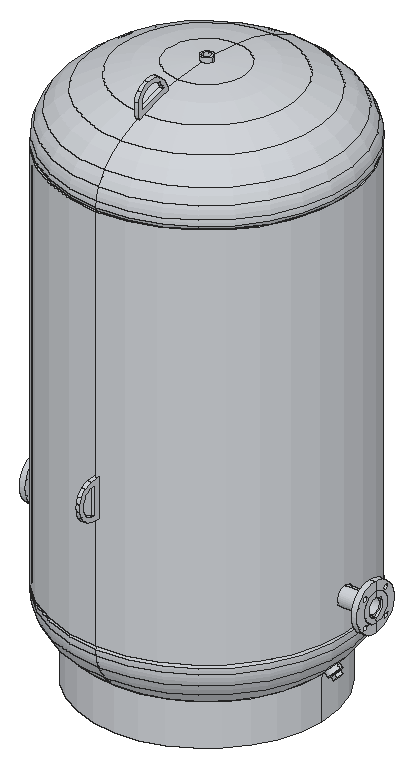
Revit family "CBT-300-2", category Generic Models, Revit 2014
Parameters (values of type "CBT-300-2")
  URL = "http://westank.com/"
  Tank Volume = 300.00 gal
  Part Number = 55360300
  Model = "CBT-300-2"
  Maximum Shipping Weight = 555 lbf
  Flange Connector Diameter = 2"
  Description = "Wessels ASME Chilled Water Buffer Tanks (CBT) are designed for chilled water systems with insufficient water volume capacity in relation to the chiller capacity."
  D = 15 3/4"
  C = 30"
  B = 72"
  A = 36"
Reference planes (in)
  plane 1 "Center (Front/Back)": y = 0
  plane 2: z = 0
  plane 3 "Center (Left/Right)": x = 0
  plane 4: x = -15
  plane 5: x = 15
  plane 6: z = 0
  plane 7: z = 72
  plane 8: z = 15.75
  plane 9: x = -18
  plane 10: x = 18
Forms (in)
  Revolve 1, solid
    sketch origin (0, -0.02461, 0) x (0, 1, 0) y (0, 0, 1)
      loop
        line (-17.97559, 11.40987) -> (-17.77585, 11.40987)
        arc (-17.77585, 11.40987) -> (-17.77901, 11.38745) -> (-17.78675, 11.36617) r 0.10832
        line (-17.78675, 11.36617) -> (-17.97559, 10.97899)
        arc (-17.97559, 10.97899) -> (-17.97692, 10.6034) -> (-17.93634, 10.23002) r 3.36112
        arc (-17.93634, 10.23002) -> (-17.83534, 9.45516) -> (-17.56075, 8.72359) r 3.4127
        arc (-17.56075, 8.72359) -> (-17.14884, 7.91952) -> (-16.63227, 7.17835) r 6.68364
        arc (-16.63227, 7.17835) -> (-15.41449, 5.9118) -> (-13.99078, 4.88214) r 9.83519
        arc (-13.99078, 4.88214) -> (-12.33964, 3.99029) -> (-10.62031, 3.23825) r 22.63963
        arc (-10.62031, 3.23825) -> (-7.74153, 2.33452) -> (-4.76815, 1.82164) r 22.63963
        arc (-4.76815, 1.82164) -> (-2.37465, 1.61295) -> (0.02461, 1.4865) r 70.02787
        line (0.02461, 1.4865) -> (0.02461, 1.65848)
        arc (0.02461, 1.65848) -> (-2.3657, 1.78462) -> (-4.75028, 1.99258) r 69.85599
        arc (-4.75028, 1.99258) -> (-7.70109, 2.50157) -> (-10.55801, 3.39844) r 22.46775
        arc (-10.55801, 3.39844) -> (-12.26429, 4.14477) -> (-13.9029, 5.02985) r 22.46775
        arc (-13.9029, 5.02985) -> (-15.30173, 6.04151) -> (-16.49823, 7.28593) r 9.66331
        arc (-16.49823, 7.28593) -> (-17.00303, 8.01057) -> (-17.40515, 8.79685) r 6.51177
        arc (-17.40515, 8.79685) -> (-17.66943, 9.50016) -> (-17.76465, 10.24543) r 3.24083
        arc (-17.76465, 10.24543) -> (-17.80397, 10.58906) -> (-17.80585, 10.93493) r 3.18924
        line (-17.80585, 10.93493) -> (-17.63227, 11.29083)
        arc (-17.63227, 11.29083) -> (-17.60804, 11.35818) -> (-17.59889, 11.42917) r 0.33041
        line (-17.59889, 11.42917) -> (-17.80365, 11.42917) -> (-17.80365, 62.07314) -> (-17.59889, 62.07314)
        arc (-17.59889, 62.07314) -> (-17.60804, 62.14413) -> (-17.63227, 62.21149) r 0.33041
        line (-17.63227, 62.21149) -> (-17.80585, 62.56739)
        arc (-17.80585, 62.56739) -> (-17.80397, 62.91325) -> (-17.76465, 63.25688) r 3.18924
        arc (-17.76465, 63.25688) -> (-17.66943, 64.00215) -> (-17.40515, 64.70547) r 3.24083
        arc (-17.40515, 64.70547) -> (-17.00303, 65.49175) -> (-16.49823, 66.21639) r 6.51177
        arc (-16.49823, 66.21639) -> (-15.30173, 67.4608) -> (-13.9029, 68.47247) r 9.66331
        arc (-13.9029, 68.47247) -> (-12.26429, 69.35755) -> (-10.55801, 70.10388) r 22.46775
        arc (-10.55801, 70.10388) -> (-7.70109, 71.00074) -> (-4.75028, 71.50973) r 22.46775
        arc (-4.75028, 71.50973) -> (-2.3657, 71.71769) -> (0.02461, 71.84383) r 69.85599
        line (0.02461, 71.84383) -> (0.02461, 72.01582)
        arc (0.02461, 72.01582) -> (-2.37465, 71.88936) -> (-4.76815, 71.68068) r 70.02787
        arc (-4.76815, 71.68068) -> (-7.74153, 71.16779) -> (-10.62031, 70.26407) r 22.63963
        arc (-10.62031, 70.26407) -> (-12.33964, 69.51203) -> (-13.99078, 68.62018) r 22.63963
        arc (-13.99078, 68.62018) -> (-15.41449, 67.59052) -> (-16.63227, 66.32397) r 9.83519
        arc (-16.63227, 66.32397) -> (-17.14884, 65.58279) -> (-17.56075, 64.77872) r 6.68364
        arc (-17.56075, 64.77872) -> (-17.83534, 64.04715) -> (-17.93634, 63.2723) r 3.4127
        arc (-17.93634, 63.2723) -> (-17.97692, 62.89891) -> (-17.97559, 62.52332) r 3.36112
        line (-17.97559, 62.52332) -> (-17.78675, 62.13614)
        arc (-17.78675, 62.13614) -> (-17.77901, 62.11486) -> (-17.77585, 62.09244) r 0.10832
        line (-17.77585, 62.09244) -> (-17.97559, 62.09244) -> (-17.97559, 11.40987)
      axis (0.02461, 1.4865) -> (0.02461, 72.01582)
    angle from 0 to 360
  Revolve 2, solid
    sketch origin (-3.00177, 0, 1.50063) x (-1, 0, 0) y (0, 0, 1)
      loop
        line (17.99931, 13.06186) -> (17.99931, 12.71833) -> (18.24931, 12.71833) -> (18.24931, 11.24971) -> (18.93681, 11.24971) -> (18.93681, 12.43703) -> (18.99931, 12.43703) -> (18.99931, 13.06186) -> (17.99931, 13.06186)
      axis (18.99931, 14.25013) -> (17.99931, 14.25013)
    angle from 0 to 360
  Revolve 3, solid
    sketch origin (1.3301, 0, 3.24654) x (0.990017, 0, -0.140951) y (0.140951, 0, 0.990017)
      loop
        line (14.71753, 6.11956) -> (14.66586, 6.1556) -> (14.25436, 5.56561) -> (14.86992, 5.13627) -> (15.24588, 5.6753) -> (15.19462, 5.71106) -> (15.31904, 5.88945) -> (14.80641, 6.24699) -> (14.71753, 6.11956)
      axis (14.25436, 5.56561) -> (14.86992, 5.13627)
    angle from 0 to 360
  Extrusion 4, solid
    sketch origin (16.3437, -180, 7.27869) x (0.681658, 0, 0.731671) y (0, -1, 0)
      loop
        line (-0.16036, -179.52645) -> (-0.95521, -179.68698) -> (-0.79485, -180.48095) -> (0, -180.32042) -> (-0.16036, -179.52645)
    from 1.02698 to 1.52678
  Extrusion 5, solid
    sketch origin (0, -6.04905, 4.9833) x (0, 1, 0) y (0, 0, 1)
      loop
        line (-11.93439, 21.33067) -> (-11.93439, 26.202)
        arc (-11.93439, 26.202) -> (-12.47846, 26.15164) -> (-13.01533, 26.05008) r 5.77422
        arc (-13.01533, 26.05008) -> (-13.49297, 25.89754) -> (-13.94252, 25.67548) r 3.35288
        arc (-13.94252, 25.67548) -> (-14.34081, 25.36666) -> (-14.64962, 24.96837) r 2.0073
        arc (-14.64962, 24.96837) -> (-14.80343, 24.58932) -> (-14.88788, 24.18906) r 2.30742
        arc (-14.88788, 24.18906) -> (-14.91277, 23.77188) -> (-14.88788, 23.3547) r 3.50846
        arc (-14.88788, 23.3547) -> (-14.79412, 22.92876) -> (-14.61961, 22.52904) r 2.24053
        arc (-14.61961, 22.52904) -> (-14.27401, 22.08806) -> (-13.80999, 21.77406) r 1.8078
        arc (-13.80999, 21.77406) -> (-13.34321, 21.55591) -> (-12.84107, 21.44044) r 2.44481
        arc (-12.84107, 21.44044) -> (-12.39043, 21.36326) -> (-11.93439, 21.33067) r 4.65484
      loop
        arc (-12.44611, 25.63929) -> (-12.67227, 25.60073) -> (-12.89654, 25.55235) r 5.2625
        arc (-12.89654, 25.55235) -> (-13.30128, 25.42308) -> (-13.68221, 25.23491) r 2.84116
        arc (-13.68221, 25.23491) -> (-13.97364, 25.01013) -> (-14.20134, 24.72098) r 1.49558
        arc (-14.20134, 24.72098) -> (-14.3163, 24.43235) -> (-14.37979, 24.12821) r 1.7957
        arc (-14.37979, 24.12821) -> (-14.40106, 23.77188) -> (-14.37979, 23.41555) r 2.99674
        arc (-14.37979, 23.41555) -> (-14.30745, 23.08689) -> (-14.17279, 22.77846) r 1.72881
        arc (-14.17279, 22.77846) -> (-13.91552, 22.45353) -> (-13.56884, 22.22643) r 1.29608
        arc (-13.56884, 22.22643) -> (-13.1779, 22.0402) -> (-12.75531, 21.94566) r 1.9331
        arc (-12.75531, 21.94566) -> (-12.60126, 21.91347) -> (-12.44611, 21.88716) r 4.14312
        line (-12.44611, 21.88716) -> (-12.44611, 25.63929)
    from -0.24366 to 0.25634
  Extrusion 6, solid
    sketch origin (0, -28.53332, 53.09576) x (0, 0.284015, -0.95882) y (0, 0.95882, 0.284015)
      loop
        arc (-11.9298, 25.67102) -> (-12.15596, 25.63246) -> (-12.38023, 25.58408) r 5.2625
        arc (-12.38023, 25.58408) -> (-12.78497, 25.45482) -> (-13.16591, 25.26664) r 2.84116
        arc (-13.16591, 25.26664) -> (-13.45733, 25.04186) -> (-13.68503, 24.75271) r 1.49558
        arc (-13.68503, 24.75271) -> (-13.8, 24.46408) -> (-13.86349, 24.15994) r 1.7957
        arc (-13.86349, 24.15994) -> (-13.88475, 23.80361) -> (-13.86349, 23.44728) r 2.99674
        arc (-13.86349, 23.44728) -> (-13.79114, 23.11862) -> (-13.65649, 22.81019) r 1.72881
        arc (-13.65649, 22.81019) -> (-13.39922, 22.48527) -> (-13.05253, 22.25816) r 1.29608
        arc (-13.05253, 22.25816) -> (-12.66159, 22.07193) -> (-12.239, 21.97739) r 1.9331
        arc (-12.239, 21.97739) -> (-12.08496, 21.94521) -> (-11.9298, 21.91889) r 4.14312
        line (-11.9298, 21.91889) -> (-11.9298, 25.67102)
      loop
        line (-10.93162, 21.34789) -> (-10.93162, 26.14183)
        arc (-10.93162, 26.14183) -> (-11.99798, 26.18454) -> (-13.02719, 25.90227) r 3.48194
        arc (-13.02719, 25.90227) -> (-13.54727, 25.6041) -> (-13.99851, 25.20943) r 3.03185
        arc (-13.99851, 25.20943) -> (-14.28248, 24.55653) -> (-14.39992, 23.8543) r 2.91879
        arc (-14.39992, 23.8543) -> (-14.3348, 23.1787) -> (-14.08611, 22.54717) r 2.44012
        arc (-14.08611, 22.54717) -> (-13.716, 22.08641) -> (-13.21844, 21.76749) r 1.83162
        arc (-13.21844, 21.76749) -> (-12.09889, 21.42765) -> (-10.93162, 21.34789) r 5.1769
    from -0.24366 to 0.25634
  Extrusion 7, solid
    sketch origin (0, 0, 0) x (1, 0, 0) y (0, 1, 0)
      loop
        circle (0, 0) r 0.75
      loop
        circle (0, 0) r 0.5
    from 71.36613 to 72.49354
  Extrusion 8, void
    sketch origin (-3.60333, 0.13917, 1.92009) x (0, 1, 0) y (0, 0, -1)
      loop
        circle (1.53637, -15.51987) r 0.37532
      loop
        circle (1.52546, -12.15298) r 0.37532
      loop
        circle (-1.81409, -15.51035) r 0.37532
      loop
        circle (-1.82438, -12.13239) r 0.37532
    from 15.80097 to 20.25
  Extrusion 9, void
    sketch origin (0, 0, 0) x (1, 0, 0) y (0, 1, 0)
      loop
        circle (0, 0) r 0.5
    from 70.90268 to 73.75579
  Revolve 10, solid
    sketch origin (0, 0, 0) x (1, 0, 0) y (0, 0, 1)
      loop
        line (14.82824, 5.43485) -> (14.82824, 0) -> (15, 0) -> (15, 5.43485) -> (14.82824, 5.43485)
      axis (0, 5.43485) -> (0, 0)
    angle from 0 to 360
  Revolve 11, solid
    sketch origin (-3.60333, 0, 1.50258) x (1, 0, 0) y (0, 0, 1)
      loop
        line (-13.77275, 13.213) -> (-18.02275, 13.213) -> (-18.02275, 13.05984) -> (-13.77275, 13.05984) -> (-13.77275, 13.213)
      axis (-18.02275, 14.24742) -> (-13.77275, 14.24742)
    angle from 0 to 360
  Extrusion 12, void
    sketch origin (0, 0, 0.25) x (0, 1, 0) y (0, 0, 1)
      loop
        circle (0, 15.50272) r 1.23453
    from -18.86806 to 18.76515
  Revolve 13, solid
    sketch origin (3.00177, 0, 1.50063) x (1, 0, 0) y (0, 0, 1)
      loop
        line (17.99931, 13.06186) -> (17.99931, 12.71867) -> (18.24715, 12.71867) -> (18.24715, 11.2495) -> (18.93465, 11.2495) -> (18.93465, 12.43713) -> (18.99715, 12.43713) -> (18.99715, 13.06186) -> (17.99931, 13.06186)
      axis (18.99715, 14.25013) -> (17.99931, 14.25013)
    angle from 0 to 360
  Extrusion 14, void
    sketch origin (3.60333, 0.13917, 1.92009) x (0, 1, 0) y (0, 0, 1)
      loop
        circle (1.52546, 15.52064) r 0.37532
      loop
        circle (1.54605, 12.14268) r 0.37532
      loop
        circle (-1.8038, 15.50005) r 0.37532
      loop
        circle (-1.81409, 12.14268) r 0.37532
    from 15.80097 to 20.25
  Revolve 15, solid
    sketch origin (3.60333, 0, 1.50258) x (-1, 0, 0) y (0, 0, 1)
      loop
        line (-13.77275, 13.213) -> (-18.02275, 13.213) -> (-18.02275, 13.05984) -> (-13.77275, 13.05984) -> (-13.77275, 13.213)
      axis (-18.02275, 14.24742) -> (-13.77275, 14.24742)
    angle from 0 to 360
Cuts and joins
  joined: Extrusion 4, Extrusion 5, Extrusion 6, Extrusion 7, Revolve 10
  Extrusion 9, Extrusion 12 cuts Revolve 1
  Extrusion 8, Extrusion 14 cuts Revolve 2
  Extrusion 14 cuts Revolve 13
Dimensions and locks (in)
  "B": plane 7 to level
  "D": plane 8 to level
  "C": plane 5 to plane 4
  "A": plane 10 to plane 9
  aligned and locked: plane 2 to level
  aligned and locked: Revolve 10 sketch curve to plane 3 "Center (Left/Right)"
Automatic sketch dimensions
  Revolve 1 sketch curve to Revolve 1 sketch curve = 0"  (x56)
  Revolve 1 sketch curve to plane 1 "Center (Front/Back)" = 0"  (x3)
  plane 1 "Center (Front/Back)" to Revolve 1 sketch curve = 2.43969"  (x2)
  Revolve 1 sketch curve to plane 8 = 2.41549"
  plane 1 "Center (Front/Back)" to Revolve 1 sketch curve = 8.98663"  (x2)
  Revolve 1 sketch curve to Revolve 1 sketch curve = 2.45782"  (x2)
  Revolve 1 sketch curve to Revolve 1 sketch curve = 3.10417"  (x2)
  Revolve 1 sketch curve to Revolve 1 sketch curve = 0.0964"  (x2)
  Revolve 1 sketch curve to Revolve 1 sketch curve = 2.97849"  (x2)
  Revolve 1 sketch curve to plane 7 = 9.78851"
  Revolve 1 sketch curve to Revolve 1 sketch curve = 0.03338"  (x2)
  Revolve 1 sketch curve to plane 8 = 4.45917"
  Revolve 1 sketch curve to Revolve 1 sketch curve = 0.17696"  (x2)
  Revolve 1 sketch curve to plane 8 = 4.38383"
  Revolve 1 sketch curve to Revolve 1 sketch curve = 0.0109"  (x2)
  Revolve 1 sketch curve to plane 7 = 9.86386"
  Revolve 1 sketch curve to Revolve 1 sketch curve = 0.0278"
  Revolve 1 sketch curve to Revolve 1 sketch curve = 0.17358"  (x2)
  Revolve 1 sketch curve to plane 8 = 4.81507"
  Revolve 1 sketch curve to Revolve 1 sketch curve = 0.08045"  (x2)
  Revolve 1 sketch curve to Revolve 1 sketch curve = 0.04514"  (x2)
  Revolve 1 sketch curve to Revolve 1 sketch curve = 0.04635"
  Revolve 1 sketch curve to plane 8 = 4.77101"
  Revolve 1 sketch curve to Revolve 1 sketch curve = 0.16974"  (x2)
  Revolve 1 sketch curve to plane 7 = 9.47668"
  Revolve 1 sketch curve to plane 7 = 0.52976"
  Revolve 1 sketch curve to plane 1 "Center (Front/Back)" = 2.48565"  (x2)
  Revolve 1 sketch curve to Revolve 1 sketch curve = 0.51151"
  Revolve 1 sketch curve to Revolve 1 sketch curve = 0.49854"  (x2)
  level to Revolve 1 sketch curve = 2.03208"
  level to Revolve 1 sketch curve = 1.65848"
  Revolve 1 sketch curve to Revolve 1 sketch curve = 0.17198"
  Revolve 1 sketch curve to Revolve 1 sketch curve = 1 249/256"  (x2)
  Revolve 1 sketch curve to Revolve 1 sketch curve = 0.0437"
  Revolve 1 sketch curve to Revolve 1 sketch curve = 0.0193"
  plane 8 to Revolve 1 sketch curve = 8.58865"
  Revolve 1 sketch curve to Revolve 1 sketch curve = 13.04782"
  Revolve 1 sketch curve to Revolve 1 sketch curve = 2.04368"
  Revolve 1 sketch curve to Revolve 1 sketch curve = 0.0695"
  Revolve 1 sketch curve to Revolve 1 sketch curve = 0.02202"
  Revolve 1 sketch curve to Revolve 1 sketch curve = 0.04406"
  Revolve 1 sketch curve to Revolve 1 sketch curve = 0.64986"
  Revolve 1 sketch curve to plane 7 = 0.15617"
  plane 7 to Revolve 1 sketch curve = 0.01582"
  Revolve 1 sketch curve to plane 7 = 1.89612"
  level to Revolve 1 sketch curve = 3 51/128"
  Revolve 1 sketch curve to Revolve 1 sketch curve = 0.06229"  (x2)
  Revolve 1 sketch curve to Revolve 1 sketch curve = 0.90692"  (x2)
  Revolve 1 sketch curve to Revolve 1 sketch curve = 0.1556"  (x2)
  Revolve 1 sketch curve to Revolve 1 sketch curve = 4.55443"
  Revolve 1 sketch curve to Revolve 1 sketch curve = 3 3/4"
  Extrusion 5 sketch curve to Extrusion 5 sketch curve = 0"  (x24)
  plane 1 "Center (Front/Back)" to Extrusion 5 sketch curve = 19.09014"
  Extrusion 5 sketch curve to Extrusion 5 sketch curve = 0.11966"
  Extrusion 5 sketch curve to Extrusion 5 sketch curve = 0.25819"
  Extrusion 5 sketch curve to Extrusion 5 sketch curve = 17/256"
  Extrusion 5 sketch curve to Extrusion 5 sketch curve = 0.04958"
  Extrusion 5 sketch curve to Extrusion 5 sketch curve = 0.15073"
  Extrusion 5 sketch curve to Extrusion 5 sketch curve = 0.20915"
  Extrusion 5 sketch curve to Extrusion 5 sketch curve = 131/256"
  Extrusion 5 sketch curve to Extrusion 5 sketch curve = 0.10338"
  Extrusion 5 sketch curve to Extrusion 5 sketch curve = 0.25955"
  Extrusion 5 sketch curve to Extrusion 5 sketch curve = 1.14294"
  plane 8 to Extrusion 5 sketch curve = 9.66692"
  Extrusion 5 sketch curve to Extrusion 5 sketch curve = 0.89706"
  Extrusion 5 sketch curve to Extrusion 5 sketch curve = 0.55648"
  Extrusion 5 sketch curve to Extrusion 5 sketch curve = 0.90165"
  Extrusion 5 sketch curve to Extrusion 5 sketch curve = 0.62139"
  Extrusion 5 sketch curve to Extrusion 5 sketch curve = 27/128"
  Extrusion 5 sketch curve to Extrusion 5 sketch curve = 0.15076"
  Extrusion 5 sketch curve to Extrusion 5 sketch curve = 0.24641"
  Extrusion 5 sketch curve to Extrusion 5 sketch curve = 0.04716"
  Extrusion 5 sketch curve to Extrusion 5 sketch curve = 0.0326"
  Extrusion 5 sketch curve to Extrusion 5 sketch curve = 1.7246"
  Extrusion 5 sketch curve to Extrusion 5 sketch curve = 0.34507"
  Extrusion 5 sketch curve to Extrusion 5 sketch curve = 0.21764"
  Extrusion 5 sketch curve to Extrusion 5 sketch curve = 1.12273"
  Extrusion 5 sketch curve to Extrusion 5 sketch curve = 0.78568"
  Extrusion 5 sketch curve to Extrusion 5 sketch curve = 0.24115"
  Extrusion 5 sketch curve to Extrusion 5 sketch curve = 0.2603"
  Extrusion 5 sketch curve to Extrusion 5 sketch curve = 0.60395"
  Extrusion 5 sketch curve to Extrusion 5 sketch curve = 0.51913"
  Extrusion 5 sketch curve to Extrusion 5 sketch curve = 0.44682"
  Extrusion 5 sketch curve to Extrusion 5 sketch curve = 0.44829"
  Extrusion 6 sketch curve to plane 7 = 0.23736"
  plane 1 "Center (Front/Back)" to Extrusion 6 sketch curve = 9.61397"
  Extrusion 6 sketch curve to Extrusion 6 sketch curve = 0.03301"
  Extrusion 6 sketch curve to Extrusion 6 sketch curve = 0.08665"
  Extrusion 6 sketch curve to Extrusion 6 sketch curve = 0.34483"
  Extrusion 6 sketch curve to Extrusion 6 sketch curve = 17/256"
  Extrusion 6 sketch curve to Extrusion 6 sketch curve = 0.04958"
  Extrusion 6 sketch curve to Extrusion 6 sketch curve = 0.06885"
  Extrusion 6 sketch curve to Extrusion 6 sketch curve = 0.56197"
  Extrusion 6 sketch curve to Extrusion 6 sketch curve = 0.36028"
  Extrusion 6 sketch curve to Extrusion 6 sketch curve = 0.06601"
  Extrusion 6 sketch curve to Extrusion 6 sketch curve = 0.11815"
  Extrusion 6 sketch curve to Extrusion 6 sketch curve = 0.47821"
  Extrusion 6 sketch curve to Extrusion 6 sketch curve = 0.99818"
  Extrusion 6 sketch curve to Extrusion 6 sketch curve = 0.38309"
  Extrusion 6 sketch curve to Extrusion 6 sketch curve = 0.23297"
  Extrusion 6 sketch curve to Extrusion 6 sketch curve = 0.22692"
  Extrusion 6 sketch curve to Extrusion 6 sketch curve = 0.59588"
  Extrusion 6 sketch curve to Extrusion 6 sketch curve = 0.3061"
  Extrusion 6 sketch curve to Extrusion 6 sketch curve = 0.31529"
  Extrusion 6 sketch curve to Extrusion 6 sketch curve = 0.0954"
  Extrusion 6 sketch curve to Extrusion 6 sketch curve = 0.80625"
  Extrusion 6 sketch curve to Extrusion 6 sketch curve = 0.571"
  Extrusion 6 sketch curve to Extrusion 6 sketch curve = 0.88254"
  Extrusion 6 sketch curve to Extrusion 6 sketch curve = 0.00686"
  Extrusion 6 sketch curve to Extrusion 6 sketch curve = 0.20406"
  Extrusion 6 sketch curve to Extrusion 6 sketch curve = 0.59172"
  Extrusion 6 sketch curve to Extrusion 6 sketch curve = 0.09548"
  Extrusion 6 sketch curve to Extrusion 6 sketch curve = 0.07607"
  Extrusion 6 sketch curve to Extrusion 6 sketch curve = 0.15093"
  Extrusion 6 sketch curve to Extrusion 6 sketch curve = 0.04716"
  Extrusion 6 sketch curve to Extrusion 6 sketch curve = 0.0326"
  Extrusion 6 sketch curve to Extrusion 6 sketch curve = 1.7246"
  Extrusion 6 sketch curve to Extrusion 6 sketch curve = 0.34507"
  Extrusion 6 sketch curve to Extrusion 6 sketch curve = 0.12574"
  Extrusion 6 sketch curve to Extrusion 6 sketch curve = 0.37771"
  Extrusion 6 sketch curve to Extrusion 6 sketch curve = 0"  (x6)
  Extrusion 6 sketch curve to Extrusion 6 sketch curve = 0.1659"
  Extrusion 6 sketch curve to Extrusion 6 sketch curve = 0.13872"
  Extrusion 6 sketch curve to Extrusion 6 sketch curve = 0.42962"
  Extrusion 6 sketch curve to Extrusion 6 sketch curve = 0.51913"
  Extrusion 6 sketch curve to Extrusion 6 sketch curve = 0.31348"
  Extrusion 7 sketch curve to Extrusion 7 sketch curve = 0"  (x2)
  plane 1 "Center (Front/Back)" to Extrusion 7 sketch curve = 0"
  Extrusion 7 sketch curve to plane 3 "Center (Left/Right)" = 0"
  Extrusion 9 sketch curve to Extrusion 9 sketch curve = 0"  (x2)
  plane 1 "Center (Front/Back)" to Extrusion 9 sketch curve = 0"
  Extrusion 9 sketch curve to plane 3 "Center (Left/Right)" = 0"
  Extrusion 9 sketch curve to plane 3 "Center (Left/Right)" = 1/2"
  Revolve 10 sketch curve to level = 0"
  Revolve 10 sketch curve to plane 5 = 0"
  Revolve 10 sketch curve to plane 5 = 0.17176"
  level to Revolve 10 sketch curve = 5.43485"
  level to Revolve 10 sketch curve = 4.69941"
  Revolve 10 sketch curve to Revolve 10 sketch curve = 1"
  Revolve 11 sketch curve to plane 8 = 0"
  Revolve 11 sketch curve to plane 8 = 1.18758"
  Revolve 11 sketch curve to plane 9 = 3.62608"
  plane 9 to Revolve 11 sketch curve = 0.62392"
  Revolve 11 sketch curve to Revolve 11 sketch curve = 0.15315"
  Revolve 11 sketch curve to plane 9 = 0.08848"
  plane 9 to Revolve 11 sketch curve = 0.27167"
  Extrusion 12 sketch curve to Extrusion 12 sketch curve = 0"  (x2)
  Extrusion 12 sketch curve to plane 1 "Center (Front/Back)" = 0"
  plane 8 to Extrusion 12 sketch curve = 0.00272"
  Extrusion 12 sketch curve to plane 8 = 1.23182"
  Revolve 15 sketch curve to plane 8 = 0"
  plane 8 to Revolve 15 sketch curve = 1.18758"
  Revolve 15 sketch curve to plane 10 = 3.62608"
  plane 10 to Revolve 15 sketch curve = 0.62392"
  Revolve 15 sketch curve to Revolve 15 sketch curve = 0.15315"
  Revolve 15 sketch curve to plane 10 = 0.08848"
  plane 10 to Revolve 15 sketch curve = 0.27167"
  plane 1 "Center (Front/Back)" to Extrusion 8 sketch curve = 1.68521"
  plane 1 "Center (Front/Back)" to Extrusion 8 sketch curve = 1.67492"
  Extrusion 8 sketch curve to plane 1 "Center (Front/Back)" = 1.66463"
  Extrusion 8 sketch curve to plane 1 "Center (Front/Back)" = 1.67554"
  plane 8 to Extrusion 8 sketch curve = 1.68996"
  plane 8 to Extrusion 8 sketch curve = 1.68044"
  Extrusion 8 sketch curve to plane 8 = 1.67693"
  Extrusion 8 sketch curve to plane 8 = 1.69752"
  plane 1 "Center (Front/Back)" to Extrusion 14 sketch curve = 1.67492"
  plane 1 "Center (Front/Back)" to Extrusion 14 sketch curve = 1.66463"
  Extrusion 14 sketch curve to plane 1 "Center (Front/Back)" = 1.66463"
  Extrusion 14 sketch curve to plane 1 "Center (Front/Back)" = 1.68521"
  Extrusion 14 sketch curve to plane 8 = 1.68722"  (x2)
  plane 8 to Extrusion 14 sketch curve = 1.67014"
  plane 8 to Extrusion 14 sketch curve = 1.69073"
  plane 10 to Revolve 13 sketch curve = 3.00108"
  Revolve 13 sketch curve to Revolve 13 sketch curve = 0.24784"
  Revolve 13 sketch curve to Revolve 13 sketch curve = 11/16"
  Revolve 13 sketch curve to Revolve 13 sketch curve = 1/16"
  Revolve 13 sketch curve to plane 8 = 2.99987"
  Revolve 13 sketch curve to Revolve 13 sketch curve = 1.18762"
  Revolve 13 sketch curve to Revolve 13 sketch curve = 0.28155"
  Revolve 13 sketch curve to Revolve 13 sketch curve = 0.34318"
  plane 8 to Revolve 13 sketch curve = 0.00076"
  Revolve 13 sketch curve to plane 10 = 0.66744"
  Revolve 13 sketch curve to Revolve 13 sketch curve = 0.68278"
  plane 9 to Revolve 2 sketch curve = 3.00108"
  Revolve 2 sketch curve to Revolve 2 sketch curve = 1/4"
  Revolve 2 sketch curve to Revolve 2 sketch curve = 11/16"
  Revolve 2 sketch curve to Revolve 2 sketch curve = 1/16"
  plane 8 to Revolve 2 sketch curve = 2.99966"
  Revolve 2 sketch curve to Revolve 2 sketch curve = 1.18733"
  Revolve 2 sketch curve to Revolve 2 sketch curve = 0.2813"
  Revolve 2 sketch curve to Revolve 2 sketch curve = 0.34352"
  Revolve 2 sketch curve to plane 8 = 0.00076"
  Revolve 2 sketch curve to plane 9 = 0.66744"
  Revolve 2 sketch curve to Revolve 2 sketch curve = 0.68278"
  plane 5 to Revolve 3 sketch curve = 1.22663"
  level to Revolve 3 sketch curve = 6.74742"
  Revolve 3 sketch curve to Revolve 3 sketch curve = 0.4115"
  Revolve 3 sketch curve to Revolve 3 sketch curve = 0.05167"
  Revolve 3 sketch curve to Revolve 3 sketch curve = 0.08888"
  Revolve 3 sketch curve to Revolve 3 sketch curve = 0.61556"
  Revolve 3 sketch curve to Revolve 3 sketch curve = 0.47709"
  Revolve 3 sketch curve to Revolve 3 sketch curve = 0.05126"
  Revolve 3 sketch curve to Revolve 3 sketch curve = 0.42934"
  Revolve 3 sketch curve to Revolve 3 sketch curve = 0.12768"
  Revolve 3 sketch curve to Revolve 3 sketch curve = 0"  (x2)
  Revolve 3 sketch curve to Revolve 3 sketch curve = 0.08905"
  plane 1 "Center (Front/Back)" to Extrusion 4 sketch curve = 0.31302"
  Extrusion 4 sketch curve to plane 1 "Center (Front/Back)" = 0.48095"
  Extrusion 4 sketch curve to Extrusion 4 sketch curve = 0.16036"  (x2)
  plane 1 "Center (Front/Back)" to Extrusion 4 sketch curve = 0.47355"
  Extrusion 4 sketch curve to Extrusion 4 sketch curve = 0.79485"
  Extrusion 4 sketch curve to plane 1 "Center (Front/Back)" = 0.32042"
  radius of Extrusion 7 sketch curve = 3/4"
  radius of Extrusion 7 sketch curve = 1/2"
  radius of Extrusion 8 sketch curve = 0.37532"  (x4)
  radius of Extrusion 14 sketch curve = 0.37532"  (x4)
Connectors (in)
  piping at (21.99892, 0, 15.75076), diameter 2, driven by "Flange Connector Diameter"
    settings: on Revolve 13, index 1, connector inside diameter 24", connector length 0", flow factor 0, pipe flow 0 GPM, pressure drop 0.00 psi, fitting loss kfactor 0, connector angle 0.00°, fixture units 0, engagement length 0", angle of deflection 0.00°, flow configuration 0, flow direction 0, fitting loss method 0, system type 7, joint type 0, gender type 0, connector reference index 2, connector utility 0, adjustable connector no, is connector primary yes, connector description ""
  piping at (-22.00108, 0, 15.75076), diameter 2, driven by "Flange Connector Diameter"
    settings: on Revolve 2, index 2, connector inside diameter 24", connector length 0", flow factor 0, pipe flow 0 GPM, pressure drop 0.00 psi, fitting loss kfactor 0, connector angle 0.00°, fixture units 0, engagement length 0", angle of deflection 0.00°, flow configuration 0, flow direction 0, fitting loss method 0, system type 7, joint type 0, gender type 0, connector reference index 1, connector utility 0, adjustable connector no, is connector primary no, connector description ""
